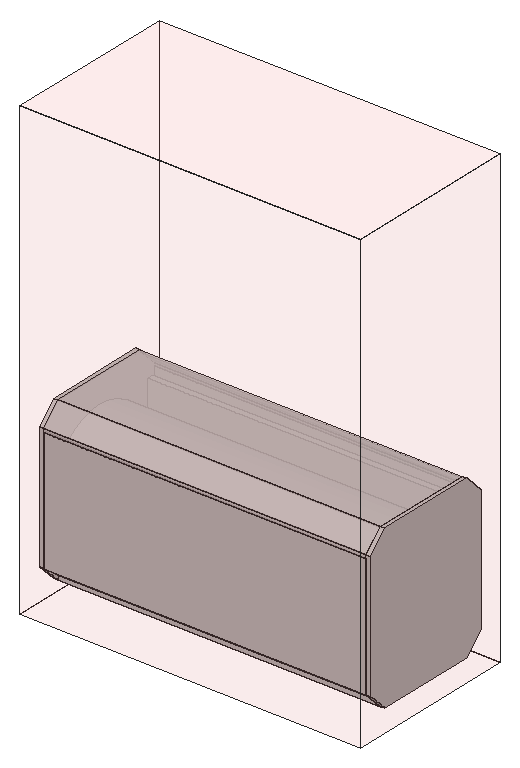
Revit family "Air-Curtain_Vestibule-Except_PoweredAire_ETA", category Mechanical Equipment, host Face, Revit 2016
Family settings
  Host = Face
  Part Type = Normal
  Round Connector Dimension = Use Diameter
  OmniClass Number = 23.75.35.17.21
  OmniClass Title = Air Curtains
  Cut with Voids When Loaded = No
  Shared = No
  Room Calculation Point = No
Parameters
  Warranty Duration (Years) = 0
  Unit Width Notes = "Other Widths available."  # constant formula
  Unit Width = 3' - 0"
  Unit Weight = 0
  Unit Height = 1' - 3"
  Unit Depth = 1' - 5 1/2"
  URL = "http://www.poweredaire.com/"
  Test Data = ""
  Standards Conformance = "as Specified"
  Specification = "http://www.arcat.com/sdspecs/htm04/23_34_33pai.htm"
  SpecWizard = ""
  Sound Pressure = "as Specified"
  Sales Information = "http://www.poweredaire.com/contact_us"
  Revision = "R1_2016-08"
  Projection from Host [instance] = 0' - 2"
  Product Properties = ""
  Product Data = "http://www.arcat.com/arcatcos/cos47/arc47623.html"
  Power Rating = 0 W
  Nozzle Width = if(1 = 1, Unit Width - 0' 1", 0' 0")  # 2' - 11"
  Mounting Width = if(1 = 1, Unit Width - 0' 0 15/16", 0' 0")  # 2' - 11 1/16"
  Mounting Height [instance] = 3' - 6"
  Motor RPM = 0
  Motor HP = 0
  Motor Count = 0
  Model = "As Specified"
  Max Height = 0' - 0"
  Manufacturer Website = "http://www.poweredaire.com/"
  Manufacturer Phone - Toll Free = "888-321-2473"
  Manufacturer Phone = "724-588-3305"
  Manufacturer Fax = "724-588-3371"
  Manufacturer Address = "109 Mortensen Rd.  Greenville, PA 16125"
  Manufacturer = "Powered Aire, Inc"
  Maintenance Schedule (Months) = 0
  Keynote = "23 34 33"
  Installation-Fabrication = ""
  Installation Phase = ""
  Include Clearance [instance] = yes
  Heating Element Load = 0 W
  HVAC_Temperature Rise = 0 °F
  HVAC_Outlet Volume = 0 CFM
  HVAC_Outlet Velocity Uniformity = 0
  HVAC_Outlet Velocity = 0 FPM
  Green Building-LEED = "http://www.arcat.com/green/clients/leed_data_47623.html"
  Front Grating Material [instance] = Metal - Steel - PoweredAire - Stainless 304 Perforated
  Frame Finish [instance] = Metal - Steel - PoweredAire - Stainless 304
  Expected Lifespan (Years) = 0
  Electrical_Wattage [instance] = Power Rating + Heating Element Load  # 0 W
  Electrical_Voltage [instance] = 0 V
  Electrical_Phase [instance] = 1
  Electrical_Frequency [instance] = 0 Hz
  Electrical_Amperage [instance] = 0 A
  Drawn By = "Sumex Design, Inc. / Robert S. Weygant, CSI, CDT, SCIP"
  Description = "Powered Aire Air Curtain as Specified"
  Default Elevation = 0' - 0"  # constant formula
  Copyright = "©Arcat Inc."
  Construction Details = "http://www.arcat.com/details/powair/prod3336.html"
  Clearance_Top [instance] = 0' - 2"
  Clearance_Side B [instance] = 0' - 0 1/2"
  Clearance_Side A [instance] = 0' - 0 1/2"
  Clearance_Intake [instance] = 2' - 6"
  Clearance_Bottom [instance] = 0' - 2"
  Clearance Material [instance] = ARCAT Clearance
  Building Codes = ""
  Available Options [instance] = "as Specified"
  Assembly Code = "D3090400"
Reference planes (in)
  plane 1 "Center (Elevation)": y = 0.13818
  plane 2: z = 0
  plane 3 "Center (Left/Right)": x = 0
  plane 4: y = 7.63818
  plane 5: y = -7.36182
  plane 6: x = -18
  plane 7: x = 18
  plane 8: z = 19.5
  plane 9 "FF": y = -41.86182
  plane 10: z = 2
  plane 11: x = 17.5
  plane 12: x = -17.5
  plane 13: y = 9.63818
  plane 14: y = -9.36182
  plane 15: x = -18.5
  plane 16: x = 18.5
  plane 17: z = 49.5
Forms (in)
  Extrusion 1, solid, material "Metal - Steel - PoweredAire - Stainless 304" <- "Frame Finish"
    sketch origin (0, 0, 0) x (0, 1, 0) y (0, 0, 1)
      loop
        line (5.69363, 2) -> (7.63818, 3.94454) -> (7.63818, 17.55546) -> (5.69363, 19.5) -> (-5.41728, 19.5) -> (-7.36182, 17.55546) -> (-7.36182, 3.94454) -> (-5.41728, 2) -> (5.69363, 2)
    from 17.5 to 18
  Extrusion 2, solid, material "Metal - Steel - PoweredAire - Stainless 304" <- "Frame Finish"
    sketch origin (0, 0, -0.5) x (0, 1, 0) y (0, 0, 1)
      loop
        circle (0.13818, 10.9739) r 6.25
      loop
        line (6.63818, 16.89427) -> (6.63818, 5.87829) -> (7.33849, 5.87829) -> (7.33849, 16.89427) -> (6.63818, 16.89427)
      loop
        line (-7.02798, 16.76927) -> (-7.02798, 5.75329) -> (-6.36182, 5.75329) -> (-6.36182, 16.76927) -> (-7.02798, 16.76927)
    from -17.5 to 17.5
  Extrusion 3, solid, material "Metal - Steel - PoweredAire - Stainless 304" <- "Frame Finish"
    sketch origin (0, 0, 0) x (0, 1, 0) y (0, 0, -1)
      loop
        line (5.69363, -2) -> (-5.41728, -2) -> (-7.36182, -3.94454) -> (-7.36182, -17.55546) -> (-5.41728, -19.5) -> (5.69363, -19.5) -> (7.63818, -17.55546) -> (7.63818, -3.94454) -> (5.69363, -2)
    from 17.5 to 18
  Extrusion 4, solid, material "Metal - Steel - PoweredAire - Stainless 304" <- "Frame Finish"
    sketch origin (0, 0, 0) x (0, 1, 0) y (0, 0, 1)
      loop
        line (-5.41728, 2) -> (5.69363, 2) -> (7.63818, 3.94454) -> (7.63818, 17.19454) -> (7.51318, 17.19454) -> (7.51318, 3.99632) -> (5.64186, 2.125) -> (-5.29228, 2.125) -> (-5.29228, 4.06954) -> (-7.23682, 4.06954) -> (-7.23682, 17.19454) -> (-7.36182, 17.19454) -> (-7.36182, 3.94454) -> (-5.41728, 3.94454) -> (-5.41728, 2)
      loop
        line (-6.64819, 3.61034) -> (-5.8702, 2.83235) -> (-5.74472, 2.95783) -> (-6.52271, 3.73583) -> (-6.64819, 3.61034)
    from -17.5 to 17.5
  Extrusion 5, solid, material "Metal - Steel - PoweredAire - Stainless 304 Perforated" <- "Front Grating Material"
    sketch origin (0, 0, 0) x (0, 1, 0) y (0, 0, 1)
      loop
        line (-7.36182, 17.19454) -> (-7.23682, 17.19454) -> (-7.23682, 17.50368) -> (-5.3655, 19.375) -> (5.64186, 19.375) -> (7.51318, 17.50368) -> (7.51318, 17.19454) -> (7.63818, 17.19454) -> (7.63818, 17.55546) -> (5.69363, 19.5) -> (-5.41728, 19.5) -> (-7.36182, 17.55546) -> (-7.36182, 17.19454)
    from -17.5 to 17.5
  Extrusion 6, solid, material "ARCAT Clearance" <- "Clearance Material", visible <- "Include Clearance"
    sketch origin (0, 0, 0) x (0, 1, 0) y (0, 0, 1)
      loop
        line (-9.36182, 49.5) -> (-9.36182, 0) -> (9.63818, 0) -> (9.63818, 49.5) -> (-9.36182, 49.5)
    from -18.5 to 18.5
Dimensions and locks (in)
  equal spacing: plane 4, plane 1 "Center (Elevation)", plane 5
  "Unit Height": plane 4 to plane 5
  equal spacing: plane 6, plane 3 "Center (Left/Right)", plane 7
  "Unit Width": plane 6 to plane 7
  "Mounting Height": plane 1 "Center (Elevation)" to plane 9 "FF"
  "Projection from Host": plane 10 to level
  "Unit Depth": plane 8 to plane 10
  locked: plane 6 to plane 12 at 0.5
  locked: plane 11 to plane 7 at 0.5
  "Clearance_Side A": plane 7 to plane 16
  "Clearance_Side B": plane 15 to plane 6
  "Clearance_Top": plane 13 to plane 4
  "Clearance_Bottom": plane 5 to plane 14
  "Clearance_Intake": plane 17 to plane 8
  aligned and locked: plane 2 to host face
  aligned and locked: level to host face
  aligned and locked: plane 7 to Extrusion 1
  aligned and locked: Extrusion 1 to plane 11
  aligned and locked: plane 12 to Extrusion 3
  aligned and locked: Extrusion 3 to plane 6
  aligned and locked: Extrusion 2 to plane 12
  aligned and locked: plane 11 to Extrusion 2
  aligned and locked: plane 11 to Extrusion 4
  aligned and locked: Extrusion 4 to plane 12
  aligned and locked: plane 11 to Extrusion 5
  aligned and locked: Extrusion 5 to plane 12
  aligned and locked: Extrusion 6 sketch curve to plane 17
  aligned and locked: plane 14 to Extrusion 6 sketch curve
  aligned and locked: level to Extrusion 6 sketch curve
  aligned and locked: Extrusion 6 sketch curve to plane 13
  aligned and locked: plane 16 to Extrusion 6
  aligned and locked: Extrusion 6 to plane 15
Automatic sketch dimensions
  host sketch curve to host sketch curve = 8' - 0"  (x2)
  Extrusion 1 sketch curve to plane 5 = 0' - 0"
  Extrusion 1 sketch curve to plane 8 = 0' - 0"
  Extrusion 1 sketch curve to plane 10 = 0' - 0"
  Extrusion 1 sketch curve to plane 4 = 0' - 0"
  plane 5 to Extrusion 1 sketch curve = 0' - 1.94454"  (x2)
  Extrusion 1 sketch curve to plane 4 = 0' - 1.94454"  (x2)
  plane 10 to Extrusion 1 sketch curve = 0' - 1.94454"  (x2)
  Extrusion 1 sketch curve to plane 8 = 0' - 1.94454"  (x2)
  Extrusion 2 sketch curve to plane 1 "Center (Elevation)" = 0' - 0"
  plane 5 to Extrusion 2 sketch curve = 0' - 1"
  plane 5 to Extrusion 2 sketch curve = 0' - 0.33384"
  Extrusion 2 sketch curve to plane 4 = 0' - 1"
  Extrusion 2 sketch curve to plane 4 = 0' - 0.29969"
  plane 10 to Extrusion 2 sketch curve = 0' - 3.37829"
  plane 10 to Extrusion 2 sketch curve = 0' - 3.25329"
  Extrusion 2 sketch curve to plane 8 = 0' - 9.0261"
  Extrusion 2 sketch curve to plane 8 = 0' - 3.23073"
  Extrusion 2 sketch curve to plane 8 = 0' - 3.10573"
  Extrusion 3 sketch curve to plane 5 = 0' - 0"
  Extrusion 3 sketch curve to plane 8 = 0' - 0"
  Extrusion 3 sketch curve to plane 10 = 0' - 0"
  Extrusion 3 sketch curve to plane 4 = 0' - 0"
  plane 5 to Extrusion 3 sketch curve = 0' - 1.94454"  (x2)
  Extrusion 3 sketch curve to plane 4 = 0' - 1.94454"  (x2)
  Extrusion 3 sketch curve to plane 8 = 0' - 1.94454"  (x2)
  plane 10 to Extrusion 3 sketch curve = 0' - 1.94454"  (x2)
  Extrusion 4 sketch curve to plane 5 = 0' - 0"
  Extrusion 4 sketch curve to plane 10 = 0' - 0"
  Extrusion 4 sketch curve to plane 4 = 0' - 0"
  plane 5 to Extrusion 4 sketch curve = 0' - 0 1/8"
  plane 5 to Extrusion 4 sketch curve = 0' - 0.71363"
  Extrusion 4 sketch curve to Extrusion 4 sketch curve = 0' - 0.12548"  (x2)
  Extrusion 4 sketch curve to Extrusion 4 sketch curve = 0' - 0.778"
  Extrusion 4 sketch curve to Extrusion 4 sketch curve = 0' - 0.32744"
  Extrusion 4 sketch curve to Extrusion 4 sketch curve = 0' - 0 1/8"  (x2)
  plane 10 to Extrusion 4 sketch curve = 0' - 0 1/8"
  Extrusion 4 sketch curve to plane 4 = 0' - 1.99632"
  Extrusion 4 sketch curve to Extrusion 4 sketch curve = 0' - 0.05178"  (x2)
  plane 10 to Extrusion 4 sketch curve = 0' - 0.83235"
  plane 10 to Extrusion 4 sketch curve = 0' - 1.94454"
  Extrusion 4 sketch curve to Extrusion 4 sketch curve = 0' - 0.3342"
  Extrusion 4 sketch curve to plane 4 = 0' - 0 1/8"
  Extrusion 4 sketch curve to plane 8 = 0' - 2.30546"  (x2)
  Extrusion 5 sketch curve to plane 5 = 0' - 0"
  Extrusion 5 sketch curve to plane 8 = 0' - 0"
  Extrusion 5 sketch curve to plane 4 = 0' - 0"
  plane 5 to Extrusion 5 sketch curve = 0' - 0 1/8"
  plane 5 to Extrusion 5 sketch curve = 0' - 1.94454"
  Extrusion 5 sketch curve to plane 8 = 0' - 0 1/8"
  Extrusion 5 sketch curve to Extrusion 5 sketch curve = 0' - 0.05178"  (x4)
  Extrusion 5 sketch curve to plane 4 = 0' - 1.99632"
  Extrusion 5 sketch curve to plane 8 = 0' - 1.94454"  (x2)
  Extrusion 5 sketch curve to Extrusion 5 sketch curve = 0' - 0 1/8"
  Extrusion 5 sketch curve to Extrusion 5 sketch curve = 0' - 0.30914"  (x2)
  radius of Extrusion 2 sketch curve = 0' - 6 1/4"
Connectors (in)
  electrical at (0, 7.63818, 10.56954), driven by "Electrical_Phase", driven by "Electrical_Voltage"
    settings: on Extrusion 4, index 1, voltage 0 V, apparent load 0 VA, apparent load phase1 0 VA, apparent load phase2 0 VA, apparent load phase3 0 VA, power factor 1, load classification "Motor", number of poles 1, system type 31, power factor state 1, is connector primary yes, connector utility no, sub classification motor no, connector description ""
